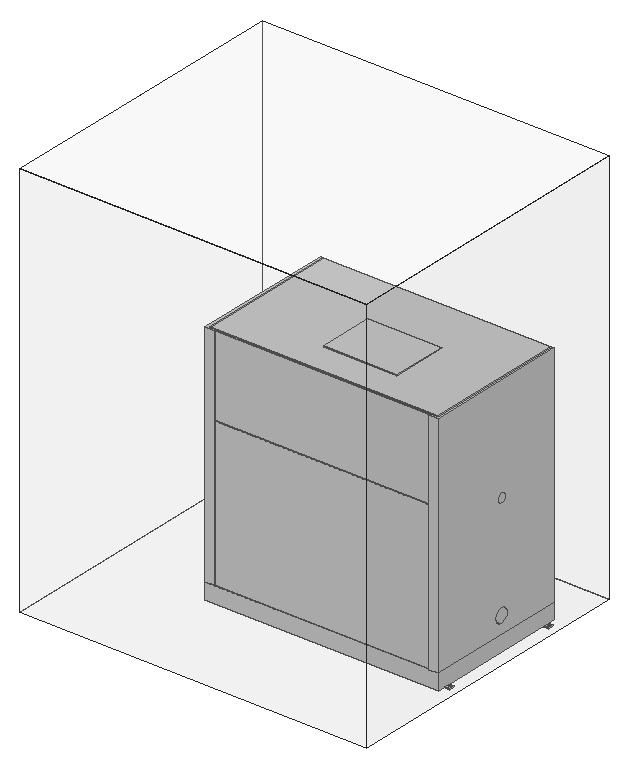
Revit family "pfav-p167_1600dmj1_3-f_50Hz", category 機械設備, Revit 2019
Family settings
  丸型コネクタ寸法 = 直径を使用
  パーツ タイプ = 標準
  OmniClass 番号 = 23.75.10.24.21.27.27
  OmniClass タイトル = Split System Air Conditioning Units
  作業面ベース = いいえ
  常に垂直 = はい
  ロード時にボイドで切り取り = いいえ
  共有 = いいえ
  部屋計算ポイント = いいえ
Parameters (values of type "PFAV-P1000DMJ3-F")
  風量（m3／min） = 120
  風量 = MAX風量  # 7200.0 m³/h
  音響パワーレベル(dB) = 72
  電源種別 = ""
  電圧_電気ヒーター = 0 V
  電圧 = 200 V
  電動機出力_送風機 = 7500 W
  電動機出力_圧縮機 = 0 W
  運転質量 = 0.00 kg
  連動 = ""
  質量 = if(製品質量 > 運転質量, 製品質量, 運転質量) * 1.2  # 516.00 kg
  負荷分類 = 3_ファン類
  説明 = "設備用パッケージエアコン 空冷床置形・冷暖兼用 ファシレアＤＤオールフレッシュシリーズ"
  設計暖房能力 [instance] = 0 kW
  設計冷房能力_顕熱 [instance] = 0 kW
  設計冷房能力 [instance] = 0 kW
  設置方法 = "床置形"
  記号 [instance] = ""
  製造元 = "三菱電機株式会社"
  製品質量 = 430.00 kg
  製品出荷対象 = "国内"
  製品リリース年月 = "2024年5月13日"
  製品グループ = ""
  系統 [instance] = ""
  符号 = "PAC-FRV(J)"
  積算_科目 = "1 空気調和設備"
  積算_拾い区分 [instance] = ""
  相_電気ヒーター = 1
  相 = 3
  盤記号 [instance] = ""
  発停方法 = ""
  特殊仕様 [instance] = ""
  火災停止 = ""
  消費電力_電気ヒーター = 0 W
  消費電力_暖房 = 1290 W
  消費電力_加湿器 = 0 W
  消費電力_冷房 = 1290 W
  消費電力 = if(消費電力_冷房 > 消費電力_暖房, 消費電力_冷房, 消費電力_暖房) + 消費電力_加湿器 + 消費電力_電気ヒーター  # 1290 W
  法定耐用年数 = "15"
  機械基礎質量 [instance] = 0.00 kg
  機械基礎_W = 0.00 mm
  機械基礎_H = 150.00 mm
  機械基礎_D = 0.00 mm
  機械基礎 [instance] = yes
  機外静圧 = 190.0 Pa
  極数 = 3
  材質 [instance] = ""
  本体マテリアル = none
  有効加湿量 = 0
  最小電線太さ_mm2 = 2
  最大電流値 = 19.3 A
  暖房能力 = 71 kW
  推奨ブレーカー容量 = 40 A
  形式_加湿器 = ""
  形式 = "床置（露出）立形"
  形名 = PFAV-P-DMJ-F : PFAV-P1000DMJ3-F
  幹線記号 [instance] = ""
  始動方式 = "直入"
  呼称 = "パッケージ形空気調和機_室内機"
  周波数 = 50 Hz
  台数_手元リモコン [instance] = ""
  台数_冷媒分岐ユニット [instance] = ""
  参照している仕様書等のバージョン = "公共建築工事標準仕様書（機械設備工事編）平成31年度版"
  加湿給水管径 = 27.00 mm
  分類コード = "50053003083040"
  分類グループ = ""
  冷房能力 = 80 kW
  冷媒高低圧ガス管径 = 0.00 mm
  冷媒管径符号 = "Ei"
  冷媒管径 = 100.00 mm
  冷媒液管径 = 19.05 mm
  冷媒ガス管径 = 31.75 mm
  価格 = 0
  企業コード = "108420"
  付属品_フィルター = ""
  付属品 [instance] = ""
  仕様書バージョン = "Version1.0"
  モデル = "PFAV-P1000DMJ3-F"
  ドレン管径 = 42.70 mm
  ダクト高_OA = 1635 mm
  ダクト高 = 416 mm
  ダクト幅_OA = 1550 mm
  ダクト幅 = 554 mm
  サービススペース = yes
  コメント [instance] = ""
  Keynote = ""
  Width = 1750.00 mm
  Version = ""
  Uniclass2015Version = "Systems v1.9"
  Uniclass2015Title = "Split coil remote air cooled condensing units"
  Uniclass2015Code = "Pr_70_65_03_84"
  URL = "https://www.mitsubishielectric.co.jp/ldg/wink/qr/002/333202/"
  S寸法 = 150.00 mm
  SpecificationReference = ""
  SpecificationDescription = ""
  Revision = ""
  ProductInformation = ""
  OmniClassCode = "23-33 17 13 11"
  OAダクト位置_縦 = 159.00 mm
  OAダクト位置_横 = 175.00 mm
  MAX風量 = 風量（m3／min） * 60.0 m³/h  # 7200.0 m³/h
  IfcTypeProduct = ""
  IfcProduct = ""
  IfcExportType = "AIRCONDITIONINGUNIT"
  IfcExportAs = "IfcUnitaryEquipmentType"
  Height = 1830.00 mm
  Depth = 1081.00 mm
  Clearance Top = 1000.00 mm
  Clearance Right = 100.00 mm
  Clearance Left = 750.00 mm
  Clearance Front = 800.00 mm
  Clearance Back = 400.00 mm
  COP = 0
  Author = "三菱電機株式会社"
  APF = 0
Types (8, lengths in mm): name | 風量（m3／min） | 風量 | 音響パワーレベル(dB) | 電動機出力_送風機 | 質量 | 製品質量 | 製品リリース年月 | 消費電力_暖房 | 消費電力_冷房 | 消費電力 | 機外静圧 | 最小電線太さ_mm2 | 最大電流値 | 暖房能力 | 推奨ブレーカー容量 | 形名 | 冷房能力 | 冷媒管径符号 | 冷媒液管径 | 冷媒ガス管径 | モデル | ドレン管径 | ダクト高_OA | ダクト高 | ダクト幅_OA | ダクト幅 | Width | URL | OAダクト位置_縦 | OAダクト位置_横 | MAX風量 | Height | Depth | Clearance Left | Clearance Front | Clearance Back | APF
  PFAV-P167DMJ1-F | 20 | 1200.0 m³/h | 61 | 1200 W | 147.60 kg | 123.00 kg | "2017年4月18日" | 80 W | 80 W | 80 W | 30.0 Pa | 1.6 | 5 A | 12.5 kW | 15 A | PFAV-P-DMJ-F : PFAV-P167DMJ1-F | 14 kW | "Bd" | 9.52 | 15.88 | "PFAV-P167DMJ1-F" | 34.00 | 406 | 294 | 668 | 343 | 760.00 | "https://www.mitsubishielectric.co.jp/ldg/wink/ssl/displayProduct.do?pid=278596" | 120.00 | 46.00 | 1200.0 m³/h | 1730.00 | 485.00 | 100.00 | 800.00 | 50.00 | 4.7
  PFAV-P265DMJ3-F | 35 | 2100.0 m³/h | 54 | 1200 W | 165.60 kg | 138.00 kg | "2024年5月13日" | 300 W | 300 W | 300 W | 50.0 Pa | 1.6 | 5.8 A | 20 kW | 15 A | PFAV-P-DMJ-F : PFAV-P265DMJ3-F | 22.4 kW | "Be" | 9.52 | 19.05 | "PFAV-P265DMJ3-F" | 34.00 | 407 | 294 | 888 | 675 | 980.00 | "https://www.mitsubishielectric.co.jp/ldg/wink/qr/002/333198/" | 120.00 | 46.00 | 2100.0 m³/h | 1730.00 | 485.00 | 100.00 | 800.00 | 50.00 | 0
  PFAV-P335DMJ3-F | 45 | 2700.0 m³/h | 62 | 1200 W | 170.40 kg | 142.00 kg | "2024年5月13日" | 390 W | 390 W | 390 W | 80.0 Pa | 1.6 | 5.8 A | 26.5 kW | 15 A | PFAV-P-DMJ-F : PFAV-P335DMJ3-F | 28 kW | "Bf" | 9.52 | 22.20 | "PFAV-P335DMJ3-F" | 34.00 | 407 | 294 | 888 | 675 | 980.00 | "https://www.mitsubishielectric.co.jp/ldg/wink/qr/002/333199/" | 120.00 | 46.00 | 2700.0 m³/h | 1730.00 | 485.00 | 100.00 | 800.00 | 50.00 | 0
  PFAV-P530DMJ3-F | 70 | 4200.0 m³/h | 67 | 3000 W | 248.40 kg | 207.00 kg | "2024年5月13日" | 680 W | 680 W | 680 W | 110.0 Pa | 1.6 | 8.8 A | 40 kW | 15 A | PFAV-P-DMJ-F : PFAV-P530DMJ3-F | 45 kW | "Ch" | 12.70 | 28.58 | "PFAV-P530DMJ3-F" | 34.00 | 605 | 444 | 1126 | 1006 | 1200.00 | "https://www.mitsubishielectric.co.jp/ldg/wink/qr/002/333200/" | 553.00 | 37.00 | 4200.0 m³/h | 1897.00 | 635.00 | 100.00 | 800.00 | 50.00 | 0
  PFAV-P670DMJ3-F | 90 | 5400.0 m³/h | 75 | 3000 W | 248.40 kg | 207.00 kg | "2024年5月13日" | 1400 W | 1400 W | 1400 W | 110.0 Pa | 1.6 | 8.8 A | 50 kW | 15 A | PFAV-P-DMJ-F : PFAV-P670DMJ3-F | 56 kW | "Dh" | 15.88 | 28.58 | "PFAV-P670DMJ3-F" | 34.00 | 605 | 444 | 1126 | 1006 | 1200.00 | "https://www.mitsubishielectric.co.jp/ldg/wink/qr/002/333201/" | 553.00 | 37.00 | 5400.0 m³/h | 1897.00 | 635.00 | 100.00 | 800.00 | 50.00 | 0
  PFAV-P1000DMJ3-F | 120 | 7200.0 m³/h | 72 | 7500 W | 516.00 kg | 430.00 kg | "2024年5月13日" | 1290 W | 1290 W | 1290 W | 190.0 Pa | 2 | 19.3 A | 71 kW | 40 A | PFAV-P-DMJ-F : PFAV-P1000DMJ3-F | 80 kW | "Ei" | 19.05 | 31.75 | "PFAV-P1000DMJ3-F" | 42.70 | 1635 | 416 | 1550 | 554 | 1750.00 | "https://www.mitsubishielectric.co.jp/ldg/wink/qr/002/333202/" | 159.00 | 175.00 | 7200.0 m³/h | 1830.00 | 1081.00 | 750.00 | 800.00 | 400.00 | 0
  PFAV-P1250DMJ3-F | 150 | 9000.0 m³/h | 73 | 7500 W | 536.40 kg | 447.00 kg | "2024年5月13日" | 1460 W | 1460 W | 1460 W | 245.0 Pa | 5.5 | 21 A | 90 kW | 40 A | PFAV-P-DMJ-F : PFAV-P1250DMJ3-F | 112 kW | "Ek" | 19.05 | 38.10 | "PFAV-P1250DMJ3-F" | 42.70 | 1635 | 416 | 1550 | 554 | 1750.00 | "https://www.mitsubishielectric.co.jp/ldg/wink/qr/002/333203/" | 159.00 | 175.00 | 9000.0 m³/h | 1830.00 | 1081.00 | 750.00 | 800.00 | 400.00 | 0
  PFAV-P1600DMJ3-F | 200 | 12000.0 m³/h | 74 | 7500 W | 604.80 kg | 504.00 kg | "2024年5月13日" | 2010 W | 2010 W | 2010 W | 235.0 Pa | 5.5 | 21 A | 112 kW | 40 A | PFAV-P-DMJ-F : PFAV-P1600DMJ3-F | 140 kW | "Ek" | 19.05 | 38.10 | "PFAV-P1600DMJ3-F" | 42.70 | 1635 | 416 | 1845 | 554 | 2045.00 | "https://www.mitsubishielectric.co.jp/ldg/wink/qr/002/333204/" | 159.00 | 175.00 | 12000.0 m³/h | 1830.00 | 1081.00 | 750.00 | 850.00 | 400.00 | 0
Reference planes
  plane 1: z = 0
  plane 2: z = 1980
  plane 3: z = 150
  plane 4: z = 2980
  plane 5 "中心(正面/背面)": y = -540.5
  plane 6 "中心(左/右)": x = 0
  plane 7 "左": x = -875
  plane 8 "右": x = 875
  plane 9 "正面": y = -1081
  plane 10 "背面": y = 0
  plane 11: y = 150
  plane 12: x = -1025
  plane 13: y = -1231
  plane 14: y = 400
  plane 15: y = -1881
  plane 16: x = -1625
  plane 17: x = 975
  plane 18: x = 1025
Dimensions and locks
  "Height": plane 2 to plane 3
  "Clearance Top": plane 4 to plane 2
  equal spacing: plane 7 "左", plane 6 "中心(左/右)", plane 8 "右"
  "Width": plane 7 "左" to plane 8 "右"
  equal spacing: plane 9 "正面", plane 5 "中心(正面/背面)", plane 10 "背面"
  "Depth": plane 9 "正面" to plane 10 "背面"
  "S寸法": plane 10 "背面" to plane 11
  "S寸法": plane 13 to plane 9 "正面"
  "S寸法": plane 12 to plane 7 "左"
  "Clearance Left": plane 16 to plane 7 "左"
  "Clearance Right": plane 8 "右" to plane 17
  "Clearance Front": plane 15 to plane 9 "正面"
  "Clearance Back": plane 10 "背面" to plane 14
  "S寸法": plane 8 "右" to plane 18
  "機械基礎_H": plane 3 to level
  nested 2 to plane 8 "右" = 512.00 mm
  nested 2 to plane 10 "背面" = 412.00 mm
  aligned and locked: level to plane 1
  aligned and locked: plane 17 to nested 1
  aligned and locked: nested 1 to plane 15
  aligned and locked: nested 1 to plane 16
  aligned and locked: nested 1 to plane 14
  aligned and locked: plane 4 to nested 1
  aligned and locked: plane 1 to nested 1
  aligned and locked: nested 2 to plane 10 "背面"
Nested families
  nested 1: "サービススペース(PFAV-P-DMJ-F)" at (-325, -740.5, 1490), visible <- "サービススペース", type "サービススペース(PFAV-P-DMJ-F)"
    with Width 2600.00 mm, Height 2980.00 mm, Depth 2281.00 mm
  nested 2: "PFAV-P-DMJ-F" at (0, -540.5, 0), type <- "形名", type "PFAV-P1000DMJ3-F"
    with 表示 yes, マテリアル2 none, マテリアル1 none
Connectors
  hvac at (0, 39, 855.5), driven by "ダクト幅_OA", driven by "ダクト高_OA", driven by "機外静圧", driven by "風量"
    settings: on nested 2, index 2, duct flow 7200.0 m³/h, flow factor 0, pres drop 190.0 Pa, loss coef 0, conn angle 0.00°, conn width 1550 mm, conn height 1635 mm, conn diameter 609.6 mm, duct sys type 2, conn prof type 1, flow config 1, flow direction 1, loss method 4, conn ref index -1, conn util no, is conn primary no, conn desc ""
  piping at (603, -186, 206), diameter 100, driven by "冷媒管径符号"
    settings: on nested 2, index 3, connector inside diameter 609.60 mm, connector length 0.00 mm, flow factor 0, pipe flow 0.0 L/s, pressure drop 0.0 Pa, fitting loss kfactor 0, connector angle 0.00°, fixture units 0, engagement length 0.00 mm, angle of deflection 0.00°, flow configuration 1, flow direction 1, fitting loss method 4, system type 7, joint type 0, gender type 0, connector reference index -1, connector utility 0, adjustable connector no, is connector primary yes, connector description "Ei"
  electrical at (878, -489, 1040), driven by "極数", driven by "負荷分類", driven by "電圧", driven by "消費電力"
    settings: on nested 2, index 4, voltage 200 V, apparent load 1290 VA, apparent load phase1 0 VA, apparent load phase2 0 VA, apparent load phase3 0 VA, power factor 1, load classification "3_ファン類", number of poles 3, system type 30, power factor state 1, is connector primary yes, connector utility no, sub classification motor no, connector description ""
  piping at (0, 0, 40), diameter 42.7, driven by "ドレン管径"
    settings: on nested 2, index 5, connector inside diameter 609.60 mm, connector length 0.00 mm, flow factor 0, pipe flow 0.0 L/s, pressure drop 0.0 Pa, fitting loss kfactor 0, connector angle 0.00°, fixture units 0, engagement length 0.00 mm, angle of deflection 0.00°, flow configuration 1, flow direction 2, fitting loss method 4, system type 16, joint type 0, gender type 0, connector reference index -1, connector utility 0, adjustable connector no, is connector primary no, connector description ""
  piping at (75, 1, 976.5), diameter 42.7, driven by "ドレン管径"
    settings: on nested 2, index 6, connector inside diameter 609.60 mm, connector length 0.00 mm, flow factor 0, pipe flow 0.0 L/s, pressure drop 0.0 Pa, fitting loss kfactor 0, connector angle 0.00°, fixture units 0, engagement length 0.00 mm, angle of deflection 0.00°, flow configuration 1, flow direction 2, fitting loss method 4, system type 16, joint type 0, gender type 0, connector reference index -1, connector utility 0, adjustable connector no, is connector primary no, connector description ""
  hvac at (86, -620, 1831), driven by "ダクト高", driven by "ダクト幅", driven by "機外静圧", driven by "風量"
    settings: on nested 2, index 10, duct flow 7200.0 m³/h, flow factor 0, pres drop 190.0 Pa, loss coef 0, conn angle 0.00°, conn width 554 mm, conn height 416 mm, conn diameter 609.6 mm, duct sys type 1, conn prof type 1, flow config 1, flow direction 2, loss method 4, conn ref index -1, conn util no, is conn primary yes, conn desc ""
  piping at (-878, 755.75, 2050), diameter 100, driven by "冷媒管径", driven by "冷媒管径符号"
    settings: on nested 2, index 12, connector inside diameter 609.60 mm, connector length 0.00 mm, flow factor 0, pipe flow 0.0 L/s, pressure drop 0.0 Pa, fitting loss kfactor 0, connector angle 0.00°, fixture units 0, engagement length 0.00 mm, angle of deflection 0.00°, flow configuration 1, flow direction 1, fitting loss method 4, system type 7, joint type 0, gender type 0, connector reference index -1, connector utility 0, adjustable connector no, is connector primary no, connector description "Ei"
Definition of nested family "サービススペース(PFAV-P-DMJ-F)"
  Parameters (values of type "サービススペース")
    Width [instance] = 500.00 mm
    Height [instance] = 500.00 mm
    Depth [instance] = 500.00 mm
  Reference planes
    plane 1 "中心(正面/背面)": y = 0
    plane 2: z = 0
    plane 3 "中心(左/右)": x = 0
    plane 4: y = -250
    plane 5: x = 250
    plane 6: y = 250
    plane 7: x = -250
    plane 8: z = 250
    plane 9: z = -250
  Forms (mm)
    Extrusion 1, solid
      sketch origin (-638.939, 0, 72.39) x (1, 0, 0) y (0, 1, 0)
        loop
          line (388.939, 250) -> (388.939, -250) -> (888.939, -250) -> (888.939, 250) -> (388.939, 250)
      from -322.39 to 177.61
  Lines and regions (mm)
    symbolic lines
      curve 1: line (-250, 0, 250) -> (250, 0, 250)
      curve 2: line (-250, 0, -250) -> (-250, 0, 250)
      curve 3: line (250, 0, -250) -> (-250, 0, -250)
      curve 4: line (250, 0, 250) -> (250, 0, -250)
      curve 5: line (0, -250, 250) -> (0, 250, 250)
      curve 6: line (0, -250, -250) -> (0, -250, 250)
      curve 7: line (0, 250, -250) -> (0, -250, -250)
      curve 8: line (0, 250, 250) -> (0, 250, -250)
      curve 9: line (-250, 250, 0) -> (250, 250, 0)
      curve 10: line (-250, -250, 0) -> (-250, 250, 0)
      curve 11: line (250, -250, 0) -> (-250, -250, 0)
      curve 12: line (250, 250, 0) -> (250, -250, 0)
  Dimensions and locks
    equal spacing: plane 7, plane 3 "中心(左/右)", plane 5
    equal spacing: plane 4, plane 1 "中心(正面/背面)", plane 6
    "Depth": plane 4 to plane 6
    "Width": plane 7 to plane 5
    equal spacing: plane 8, plane 2, plane 9
    "Height": plane 8 to plane 9
    aligned and locked: plane 9 to curve 3
    aligned and locked: plane 7 to curve 2
    aligned and locked: curve 4 to plane 5
    aligned and locked: plane 5 to Extrusion 1
    aligned and locked: Extrusion 1 to plane 7
    aligned and locked: Extrusion 1 to plane 9
    aligned and locked: plane 8 to Extrusion 1
    aligned and locked: plane 9 to curve 7
  Automatic sketch dimensions
    plane 4 to Extrusion 1 sketch curve = 0.00 mm
    Extrusion 1 sketch curve to plane 7 = 0.00 mm
    Extrusion 1 sketch curve to plane 5 = 0.00 mm
    plane 6 to Extrusion 1 sketch curve = 0.00 mm
    curve 2 to plane 8 = 0.00 mm
    plane 4 to curve 11 = 0.00 mm
    curve 11 to plane 7 = 0.00 mm
    curve 11 to plane 5 = 0.00 mm
    plane 6 to curve 10 = 0.00 mm
    curve 7 to plane 4 = 0.00 mm
    curve 7 to plane 6 = 0.00 mm
    curve 6 to plane 8 = 0.00 mm
Definition of nested family "PFAV-P-DMJ-F"
  Parameters (values of type "PFAV-P1600DMJ3-F")
    液径 = 19.05 mm
    液-W = 0.00 mm
    液-H = 255.00 mm
    液-D = 673.00 mm
    吸込ダクト_P530_670 = no
    吸込ダクト_P265_335 = no
    吸込ダクト_P167 = no
    吸込ダクト_P1600 = no
    吸込ダクト_P1000_1250 = no
    ドレン② = yes
    ドレン① = no
    ①高 = 1830.00 mm
    電源径 = 62.00 mm
    電源-W = 0.00 mm
    電源-H = 1040.00 mm
    電源-D = 489.00 mm
    表示 [instance] = yes
    ①幅 = 2045.00 mm
    ①奥行 = 1081.00 mm
    吊りボルト径 = 20.00 mm
    吊りボルト-W = 2101.00 mm
    吊りボルト-D = 931.00 mm
    吊りボルト-H = 0.00 mm
    加湿給水管径 = 43.00 mm
    加湿給水-W = 0.00 mm
    加湿給水-H = 260.00 mm
    加湿給水-D = 649.00 mm
    冷媒径 = 100.00 mm
    ガス径 = 38.10 mm
    ガス-W = 0.00 mm
    ガス-H = 245.00 mm
    ガス-D = 123.00 mm
    マテリアル2 [instance] = none
    マテリアル1 [instance] = none
    ドレン径 = 42.70 mm
    ドレン-W = 1023.00 mm
    ドレン-H = 40.00 mm
    ドレン-D = 314.00 mm
    w = 554.00 mm
    h = 1.00 mm
    f = 0.00 mm
    e = 600.00 mm
    c = 3.00 mm
    d = 416.00 mm
    b = 659.00 mm
    a = 412.00 mm
    OAダクト高さ = 1635.00 mm
    OAダクト幅 = 1845.00 mm
    OAダクト奥行 = -1.00 mm
    OAダクト位置_縦 = 159.00 mm
    OAダクト位置_横 = 175.00 mm
  Types (8, lengths in mm): name | 液径 | 液-H | 液-D | ドレン② | ドレン① | ①高 | 電源径 | 電源-H | 電源-D | ①幅 | ①奥行 | 吊りボルト径 | 吊りボルト-W | 吊りボルト-D | ガス径 | ガス-H | ガス-D | ドレン径 | ドレン-W | ドレン-H | ドレン-D | w | h | c | d | b | a | OAダクト高さ | OAダクト幅 | OAダクト奥行 | OAダクト位置_縦 | OAダクト位置_横
    PFAV-P167DMJ1-F | 9.52 | 172.00 | 249.00 | no | yes | 1730.00 | 27.00 | 262.00 | 326.00 | 760.00 | 485.00 | 12.00 | 806.00 | 300.00 | 15.88 | 262.00 | 249.00 | 34.00 | 200.00 | 54.00 | 240.00 | 343.00 | 20.00 | 10.00 | 294.00 | 236.00 | 42.00 | 406.00 | 668.00 | -41.00 | 120.00 | 46.00
    PFAV-P265DMJ3-F | 9.52 | 172.00 | 251.00 | no | yes | 1730.00 | 27.00 | 262.00 | 328.00 | 980.00 | 485.00 | 12.00 | 1026.00 | 300.00 | 19.05 | 262.00 | 251.00 | 34.00 | 200.00 | 54.00 | 240.00 | 675.00 | 20.00 | 10.00 | 294.00 | 191.00 | 41.00 | 407.00 | 888.00 | -41.00 | 120.00 | 46.00
    PFAV-P335DMJ3-F | 9.52 | 172.00 | 251.00 | no | yes | 1730.00 | 27.00 | 262.00 | 328.00 | 980.00 | 485.00 | 12.00 | 1026.00 | 300.00 | 19.05 | 262.00 | 251.00 | 34.00 | 200.00 | 54.00 | 240.00 | 675.00 | 20.00 | 10.00 | 294.00 | 191.00 | 41.00 | 407.00 | 888.00 | -41.00 | 120.00 | 46.00
    PFAV-P530DMJ3-F | 12.70 | 203.00 | 244.00 | no | yes | 1897.00 | 37.00 | 249.00 | 475.00 | 1200.00 | 635.00 | 12.00 | 1246.00 | 440.00 | 28.58 | 209.00 | 128.00 | 34.00 | 200.00 | 54.00 | 314.00 | 1006.00 | 3.00 | 10.00 | 444.00 | 97.00 | 44.00 | 605.00 | 1126.00 | -39.00 | 553.00 | 37.00
    PFAV-P670DMJ3-F | 15.88 | 203.00 | 244.00 | no | yes | 1897.00 | 37.00 | 249.00 | 475.00 | 1200.00 | 635.00 | 12.00 | 1246.00 | 440.00 | 28.58 | 209.00 | 128.00 | 34.00 | 200.00 | 54.00 | 314.00 | 1006.00 | 3.00 | 10.00 | 444.00 | 97.00 | 44.00 | 605.00 | 1126.00 | -39.00 | 553.00 | 37.00
    PFAV-P1000DMJ3-F | 19.05 | 255.00 | 673.00 | yes | no | 1830.00 | 62.00 | 1040.00 | 489.00 | 1750.00 | 1081.00 | 15.00 | 1806.00 | 931.00 | 31.75 | 245.00 | 313.00 | 42.70 | 875.00 | 40.00 | 314.00 | 554.00 | 1.00 | 3.00 | 416.00 | 512.00 | 412.00 | 1635.00 | 1550.00 | -1.00 | 159.00 | 175.00
    PFAV-P1250DMJ3-F | 19.05 | 255.00 | 673.00 | yes | no | 1830.00 | 62.00 | 1040.00 | 489.00 | 1750.00 | 1081.00 | 15.00 | 1806.00 | 931.00 | 38.10 | 245.00 | 313.00 | 42.70 | 875.00 | 40.00 | 314.00 | 554.00 | 1.00 | 3.00 | 416.00 | 512.00 | 412.00 | 1635.00 | 1550.00 | -1.00 | 159.00 | 175.00
    PFAV-P1600DMJ3-F | 19.05 | 255.00 | 673.00 | yes | no | 1830.00 | 62.00 | 1040.00 | 489.00 | 2045.00 | 1081.00 | 20.00 | 2101.00 | 931.00 | 38.10 | 245.00 | 123.00 | 42.70 | 1023.00 | 40.00 | 314.00 | 554.00 | 1.00 | 3.00 | 416.00 | 659.00 | 412.00 | 1635.00 | 1845.00 | -1.00 | 159.00 | 175.00
  Reference planes
    plane 1 "中心(正面/背面)": y = 0
    plane 2: z = 0
    plane 3 "中心(左/右)": x = 0
    plane 4: x = 1022.5
    plane 5: x = -1022.5
    plane 6 "5-20_back": y = 540.5
    plane 7: y = -540.5
    plane 8: z = 1831
    plane 9: z = 1230
    plane 10: z = 1830
    plane 11: z = 120
    plane 12: y = 465.5
    plane 13: y = -465.5
    plane 14: x = 1050.5
    plane 15: x = -1050.5
    plane 16: y = 128.5
    plane 17: y = -460.5
    plane 18: z = 40
    plane 19: z = 1040
    plane 20: y = -132.5
    plane 21: z = 255
    plane 22: z = 245
    plane 23: z = 1829
    plane 24: y = 417.5
    plane 25: x = 1002.5
    plane 26: x = -1002.5
    plane 27: z = 1227
    plane 28: y = -520.5
    plane 29: x = -952.5
    plane 30: x = 952.5
    plane 31: y = -537.5
    plane 32: x = 1062.5
    plane 33: x = -1062.5
    plane 34: y = 485.5
    plane 35: y = 445.5
    plane 36: y = -445.5
    plane 37: y = -485.5
    plane 38: y = 128.5
    plane 39: z = 5
    plane 40: x = 363.5
    plane 41: x = 363.5
    plane 42: x = -190.5
    plane 43: x = -190.5
    plane 44: y = -287.5
    plane 45: y = -287.5
    plane 46: y = 226.5
    plane 47: y = 51.5
    plane 48: x = 1025.5
    plane 49: y = 142.5
    plane 50: z = 250
    plane 51: y = -108.5
    plane 52: z = 260
    plane 53: x = -1023.5
    plane 54: y = 541.5
    plane 55: x = -0.5
    plane 56: x = -847.5
    plane 57: x = 997.5
    plane 58: z = 159
    plane 59: z = 1794
    plane 60: x = -1025.5
  Forms (mm)
    Extrusion 1, solid, material <- "マテリアル1", visible <- "表示", detail levels fine
      sketch origin (0, 0, -400) x (1, 0, 0) y (0, 1, 0)
        loop
          line (952.5, -520.5) -> (-952.5, -520.5) -> (-952.5, -537.5) -> (952.5, -537.5) -> (952.5, -520.5)
      from 1630 to 2230
    Extrusion 2, solid, material <- "マテリアル1", visible <- "表示", detail levels fine
      sketch origin (0, 0, -800) x (1, 0, 0) y (0, 1, 0)
        loop
          line (-952.5, -537.5) -> (952.5, -537.5) -> (952.5, -520.5) -> (-952.5, -520.5) -> (-952.5, -537.5)
      from 920 to 2027
    Extrusion 3, solid, material <- "マテリアル2", visible <- "表示", detail levels fine
      sketch origin (0, 0, 0) x (1, 0, 0) y (0, 1, 0)
        loop
          line (1022.5, 485.5) -> (1022.5, 445.5) -> (1062.5, 445.5) -> (1062.5, 485.5) -> (1022.5, 485.5)
        loop
          line (1022.5, -445.5) -> (1022.5, -485.5) -> (1062.5, -485.5) -> (1062.5, -445.5) -> (1022.5, -445.5)
        loop
          line (-1062.5, 485.5) -> (-1062.5, 445.5) -> (-1022.5, 445.5) -> (-1022.5, 485.5) -> (-1062.5, 485.5)
        loop
          line (-1062.5, -445.5) -> (-1062.5, -485.5) -> (-1022.5, -485.5) -> (-1022.5, -445.5) -> (-1062.5, -445.5)
        loop
          circle (-1050.5, 465.5) r 10
        loop
          circle (1050.5, 465.5) r 10
        loop
          circle (1050.5, -465.5) r 10
        loop
          circle (-1050.5, -465.5) r 10
      from 0 to 5
    Extrusion 4, solid, material <- "マテリアル2", visible <- "表示", detail levels fine
      sketch origin (0, -1140, 0) x (0, -1, 0) y (1, 0, 0)
        loop
          line (-1268.5, 363.5) -> (-1268.5, -190.5) -> (-852.5, -190.5) -> (-852.5, 363.5) -> (-1268.5, 363.5)
      from 1830 to 1831
    Extrusion 5, solid, material <- "マテリアル1", visible <- "表示", detail levels fine
      sketch origin (-1437.329, -1524, 1831) x (-1, 0, 0) y (0, -1, 0)
        loop
          line (-414.829, -2064.5) -> (-414.829, -983.5) -> (-484.829, -983.5) -> (-484.829, -1003.5) -> (-434.829, -1003.5) -> (-434.829, -2064.5) -> (-414.829, -2064.5)
        loop
          line (-2439.829, -2064.5) -> (-2439.829, -1003.5) -> (-2389.829, -1003.5) -> (-2389.829, -983.5) -> (-2459.829, -983.5) -> (-2459.829, -2064.5) -> (-2439.829, -2064.5)
      from -1711 to -1
    Extrusion 6, solid, material <- "マテリアル1", visible <- "表示", detail levels fine
      sketch origin (-1437.329, -1524, 1831) x (-1, 0, 0) y (0, -1, 0)
        loop
          line (-2439.829, -2064.5) -> (-434.829, -2064.5) -> (-434.829, -1003.5) -> (-2439.829, -1003.5) -> (-2439.829, -2064.5)
      from -1711 to -1
    Extrusion 7, solid, material <- "マテリアル2", visible <- "表示", detail levels fine
      sketch origin (-1437.329, -1524, 1831) x (-1, 0, 0) y (0, -1, 0)
        loop
          line (-414.829, -2064.5) -> (-414.829, -983.5) -> (-2459.829, -983.5) -> (-2459.829, -2064.5) -> (-414.829, -2064.5)
      from -1831 to -1711
    Extrusion 8, solid, material <- "マテリアル2", visible <- "表示", detail levels fine
      sketch origin (1022.5, 1296.25, 1200) x (0, 1, 0) y (0, 0, 1)
        loop
          circle (-1244.75, -160) r 31
      from 0 to 3
    Extrusion 9, solid, material <- "マテリアル1", visible <- "表示", detail levels fine
      sketch origin (1022.5, 1296.25, 1200) x (0, 1, 0) y (0, 0, 1)
        loop
          circle (-1153.75, -950) r 50
      from 0 to 3
    Extrusion 10, solid, material <- "マテリアル1", visible <- "ドレン①", detail levels fine
      sketch origin (-1022.5, 1296.25, 1200) x (0, 1, 0) y (0, 0, 1)
        loop
          circle (-1069.75, -1160) r 21.35
      from -1 to 0
    Extrusion 11, solid, material <- "マテリアル1", visible <- "ドレン②", detail levels fine
      sketch origin (1480.036, -537.5, 2000) x (1, 0, 0) y (0, 0, 1)
        loop
          circle (-1480.536, -1960) r 21.35
      from -1079 to -1078
    Extrusion 12, solid, detail levels fine
      sketch origin (0, 540.5, 0) x (1, 0, 0) y (0, 0, 1)
        loop
          line (997.5, 1794) -> (-847.5, 1794) -> (-847.5, 159) -> (997.5, 159) -> (997.5, 1794)
      from 0 to -1 <- "OAダクト奥行"
    Extrusion 13, solid, detail levels fine
      sketch origin (-1022.5, 1296.25, 1200) x (0, 1, 0) y (0, 0, 1)
        loop
          circle (-1244.75, -160) r 31
      from -3 to 0
    Extrusion 14, solid, detail levels fine
      sketch origin (-1022.5, 1296.25, 1200) x (0, 1, 0) y (0, 0, 1)
        loop
          circle (-1153.75, -950) r 50
      from -3 to 0
  Lines and regions (mm)
    Masking region 1, visible <- "表示", detail levels coarse+medium
      outline origin (0, 0, 0) x (1, 0, 0) y (0, 1, 0)
        loop
          line (-1022.5, 540.5) -> (-1022.5, -540.5) -> (1022.5, -540.5) -> (1022.5, 540.5) -> (-1022.5, 540.5)
    symbolic lines, visible <- "表示"
      curve 1: line (-1022.5, 540.5, 1831) -> (-1022.5, -540.5, 1831)
      curve 2: line (-1022.5, -540.5, 1831) -> (1022.5, -540.5, 1831)
      curve 3: line (1022.5, -540.5, 1831) -> (1022.5, 540.5, 1831)
      curve 4: line (1022.5, 540.5, 1831) -> (-1022.5, 540.5, 1831)
      curve 5: line (-190.5, 128.5, 1831) -> (-190.5, -287.5, 1831)
      curve 6: line (-190.5, -287.5, 1831) -> (363.5, -287.5, 1831)
      curve 7: line (363.5, -287.5, 1831) -> (363.5, 128.5, 1831)
      curve 8: line (363.5, 128.5, 1831) -> (-190.5, 128.5, 1831)
  Dimensions and locks
    equal spacing: plane 7, plane 1 "中心(正面/背面)", plane 6 "5-20_back"
    "①奥行": plane 7 to plane 6 "5-20_back"
    equal spacing: plane 5, plane 3 "中心(左/右)", plane 4
    "①幅": plane 5 to plane 4
    locked: plane 11 to level at 120
    equal spacing: plane 13, plane 1 "中心(正面/背面)", plane 12
    "吊りボルト-D": plane 13 to plane 12
    equal spacing: plane 15, plane 3 "中心(左/右)", plane 14
    "吊りボルト-W": plane 15 to plane 14
    "a": plane 16 to plane 6 "5-20_back"
    locked: plane 7 to plane 17 at 80
    "ドレン-H": plane 18 to level
    "電源-H": plane 19 to level
    "液-H": plane 21 to level
    "e": plane 10 to plane 9
    "ガス-H": plane 22 to level
    "h": plane 8 to plane 10
    locked: plane 8 to plane 23 at 2
    locked: plane 5 to plane 26 at 20
    locked: plane 25 to plane 4 at 20
    "c": plane 9 to plane 27
    locked: plane 7 to plane 28 at 20
    locked: plane 26 to plane 29 at 50
    locked: plane 30 to plane 25 at 50
    locked: plane 7 to plane 31 at 3
    locked: plane 33 to plane 5 at 40
    locked: plane 4 to plane 32 at 40
    plane 37 to plane 13 to plane 36 = 20.00 mm locked, 20.00 mm locked
    plane 35 to plane 12 to plane 34 = 20.00 mm locked, 20.00 mm locked
    "f": plane 38 to plane 16
    locked: plane 39 to level at 5
    "b": plane 40 to plane 4
    "f": plane 43 to plane 42
    "f": plane 41 to plane 40
    "w": plane 42 to plane 41
    "f": plane 44 to plane 45
    "d": plane 45 to plane 38
    "①高": plane 10 to level
    "液-D": plane 20 to plane 6 "5-20_back"
    "ガス-D": plane 24 to plane 6 "5-20_back"
    "ドレン-D": plane 46 to plane 6 "5-20_back"
    "電源-D": plane 47 to plane 6 "5-20_back"
    locked: plane 4 to plane 48 at 3
    equal spacing: plane 20, plane 49, plane 24
    equal spacing: plane 21, plane 50, plane 22
    "加湿給水-D": plane 51 to plane 6 "5-20_back"
    "加湿給水-H": plane 52 to level
    locked: plane 53 to plane 5 at 1
    locked: plane 6 "5-20_back" to plane 54 at 1
    "ドレン-W": plane 55 to plane 4
    "OAダクト幅": plane 57 to plane 56
    "OAダクト位置_縦": level to plane 58
    "OAダクト高さ": plane 58 to plane 59
    "OAダクト位置_横": plane 56 to plane 5
    plane 60 to plane 5 = 3.00 mm
    "吊りボルト径": diameter of Extrusion 3 sketch curve  (x4)
    "電源径": diameter of Extrusion 8 sketch curve
    "冷媒径": diameter of Extrusion 9 sketch curve
    "ドレン径": diameter of Extrusion 10 sketch curve
    "ドレン径": diameter of Extrusion 11 sketch curve
    "電源径": diameter of Extrusion 13 sketch curve
    "冷媒径": diameter of Extrusion 14 sketch curve
    aligned and locked: level to plane 2
    aligned and locked: plane 13 to nested 1
    aligned and locked: plane 14 to nested 1
    aligned and locked: plane 15 to nested 1
    aligned and locked: nested 1 to plane 12
    aligned and locked: Extrusion 2 to plane 11
    aligned and locked: Extrusion 1 to plane 9
    aligned and locked: Extrusion 5 to plane 11
    aligned and locked: Extrusion 4 to plane 10
    aligned and locked: plane 10 to Extrusion 5
    aligned and locked: plane 10 to Extrusion 1
    aligned and locked: plane 27 to Extrusion 2
    aligned and locked: Extrusion 2 sketch curve to plane 28
    aligned and locked: Extrusion 5 sketch curve to plane 7  (x2)
    aligned and locked: Extrusion 5 sketch curve to plane 29
    aligned and locked: Extrusion 5 sketch curve to plane 30
    aligned and locked: Extrusion 5 sketch curve to plane 25
    aligned and locked: plane 28 to Extrusion 5 sketch curve  (x2)
    aligned and locked: Extrusion 2 sketch curve to plane 29
    aligned and locked: Extrusion 2 sketch curve to plane 30
    aligned and locked: plane 31 to Extrusion 2 sketch curve
    aligned and locked: Extrusion 1 sketch curve to plane 30
    aligned and locked: Extrusion 1 sketch curve to plane 29
    aligned and locked: Extrusion 1 sketch curve to plane 28
    aligned and locked: Extrusion 1 sketch curve to plane 31
    aligned and locked: Extrusion 6 sketch curve to plane 6 "5-20_back"
    aligned and locked: Extrusion 6 sketch curve to plane 26
    aligned and locked: Extrusion 6 sketch curve to plane 28
    aligned and locked: Extrusion 6 sketch curve to plane 25
    aligned and locked: plane 10 to Extrusion 6
    aligned and locked: Extrusion 6 to plane 11
    aligned and locked: plane 34 to Extrusion 3 sketch curve  (x2)
    aligned and locked: plane 4 to Extrusion 3 sketch curve  (x2)
    aligned and locked: Extrusion 3 sketch curve to plane 35  (x2)
    aligned and locked: Extrusion 3 sketch curve to plane 32  (x2)
    aligned and locked: plane 36 to Extrusion 3 sketch curve  (x2)
    aligned and locked: Extrusion 3 sketch curve to plane 37  (x2)
    aligned and locked: plane 33 to Extrusion 3 sketch curve  (x2)
    aligned and locked: Extrusion 3 sketch curve to plane 5  (x2)
    aligned and locked: plane 12 to Extrusion 3 sketch curve  (x2)
    aligned and locked: plane 15 to Extrusion 3 sketch curve  (x2)
    aligned and locked: plane 13 to Extrusion 3 sketch curve  (x2)
    aligned and locked: plane 14 to Extrusion 3 sketch curve  (x2)
    aligned and locked: Extrusion 3 to level
    aligned and locked: plane 39 to Extrusion 3
    aligned and locked: Extrusion 7 sketch curve to Extrusion 5
    aligned and locked: Extrusion 7 sketch curve to Extrusion 6
    aligned and locked: Extrusion 7 to level
    aligned and locked: plane 11 to Extrusion 7
    aligned and locked: Extrusion 4 sketch curve to plane 38
    aligned and locked: Extrusion 4 sketch curve to plane 45
    aligned and locked: Extrusion 4 sketch curve to plane 41
    aligned and locked: Extrusion 4 sketch curve to plane 42
    aligned and locked: Masking region 1 sketch curve to Extrusion 7
    aligned and locked: Masking region 1 sketch curve to Extrusion 5
    aligned and locked: Masking region 1 sketch curve to plane 7
    aligned and locked: Masking region 1 sketch curve to plane 4
    aligned and locked: curve 1 to Masking region 1
    aligned and locked: curve 3 to Masking region 1
    aligned and locked: curve 4 to Masking region 1
    aligned and locked: plane 47 to Extrusion 8 sketch curve
    aligned and locked: plane 19 to Extrusion 8 sketch curve
    aligned and locked: Extrusion 8 to plane 4
    aligned and locked: plane 48 to Extrusion 8
    aligned and locked: plane 49 to Extrusion 9 sketch curve
    aligned and locked: plane 50 to Extrusion 9 sketch curve
    aligned and locked: Extrusion 9 to plane 4
    aligned and locked: plane 48 to Extrusion 9
    aligned and locked: plane 5 to Extrusion 5 sketch curve
    aligned and locked: plane 4 to Extrusion 5 sketch curve
    aligned and locked: Extrusion 7 sketch curve to plane 7
    aligned and locked: plane 4 to Extrusion 7 sketch curve
    aligned and locked: plane 46 to Extrusion 10 sketch curve
    aligned and locked: plane 18 to Extrusion 10 sketch curve
    aligned and locked: Extrusion 10 to plane 53
    aligned and locked: plane 5 to Extrusion 10
    aligned and locked: plane 18 to Extrusion 11 sketch curve
    aligned and locked: plane 55 to Extrusion 11 sketch curve
    aligned and locked: Extrusion 11 to plane 54
    aligned and locked: plane 6 "5-20_back" to Extrusion 11
    aligned and locked: plane 59 to Extrusion 12
    aligned and locked: Extrusion 12 to plane 58
    aligned and locked: Extrusion 12 to plane 56
    aligned and locked: plane 57 to Extrusion 12
    aligned and locked: plane 19 to Extrusion 13 sketch curve
    aligned and locked: plane 47 to Extrusion 13 sketch curve
    aligned and locked: plane 49 to Extrusion 14 sketch curve
    aligned and locked: plane 50 to Extrusion 14 sketch curve
    aligned and locked: plane 5 to Extrusion 14
    aligned and locked: Extrusion 14 to plane 60
    aligned and locked: Extrusion 13 to plane 60
    aligned and locked: plane 5 to Extrusion 13
    aligned and locked: plane 8 to Extrusion 4
  Automatic sketch dimensions
    Extrusion 5 sketch curve to plane 26 = 0.00 mm
    plane 6 "5-20_back" to Extrusion 5 sketch curve = 0.00 mm  (x2)
    plane 28 to Extrusion 2 sketch curve = 0.00 mm
    plane 7 to curve 2 = 0.00 mm
    Extrusion 12 sketch curve to plane 42 = 657.00 mm
    plane 40 to Extrusion 12 sketch curve = 634.00 mm
    level to Extrusion 12 sketch curve = 159.00 mm
    Extrusion 12 sketch curve to Extrusion 12 sketch curve = 1635.00 mm
    plane 16 to curve 7 = 0.00 mm
    curve 7 to plane 40 = 0.00 mm
    curve 5 to plane 43 = 0.00 mm
    plane 44 to curve 7 = 0.00 mm
  Nested families
    nested 1: "固定点" at (-1050.5, -465.5, 0), visible <- "表示", type "固定点", detail levels fine
      with W 2101.00 mm, D 931.00 mm
  Definition of nested family "固定点"
    Parameters (values of type "固定点")
      中心円 = 20.00 mm
      W [instance] = 1000.00 mm
      D [instance] = 1000.00 mm
    Reference planes
      plane 1 "中心(正面/背面)": y = 0
      plane 2: z = 0
      plane 3 "中心(左/右)": x = 0
      plane 4: x = 1000
      plane 5: y = 1000
    Lines and regions (mm)
      symbolic lines, detail levels fine
        curve 1: circle (0, 1000, 0) r 10 normal (0, 0, 1)
        curve 2: circle (0, 0, 0) r 10 normal (0, 0, 1)
        curve 3: circle (1000, 1000, 0) r 10 normal (0, 0, 1)
        curve 4: circle (1000, 0, 0) r 10 normal (0, 0, 1)
        curve 5: line (-200, 1000, 0) -> (1200, 1000, 0)
        curve 6: line (-200, 0, 0) -> (1200, 0, 0)
        curve 7: line (0, 1200, 0) -> (0, -200, 0)
        curve 8: line (1000, 1200, 0) -> (1000, -200, 0)
    Dimensions and locks
      "W": plane 3 "中心(左/右)" to plane 4
      "D": plane 1 "中心(正面/背面)" to plane 5
      "中心円": diameter of curve 1
      "中心円": diameter of curve 2
      "中心円": diameter of curve 3
      "中心円": diameter of curve 4
      aligned and locked: level to plane 2
      aligned and locked: plane 5 to curve 1
      aligned and locked: plane 3 "中心(左/右)" to curve 1
      aligned and locked: plane 3 "中心(左/右)" to curve 2
      aligned and locked: plane 1 "中心(正面/背面)" to curve 2
      aligned and locked: plane 4 to curve 3
      aligned and locked: plane 5 to curve 3
      aligned and locked: plane 1 "中心(正面/背面)" to curve 4
      aligned and locked: plane 4 to curve 4
      aligned and locked: plane 1 "中心(正面/背面)" to curve 6
      aligned and locked: curve 7 to plane 3 "中心(左/右)"
      aligned and locked: curve 8 to plane 4
    Automatic sketch dimensions
      curve 5 to plane 5 = 0.00 mm
      curve 6 to plane 3 "中心(左/右)" = 200.00 mm
      curve 5 to plane 3 "中心(左/右)" = 200.00 mm
      curve 4 to curve 6 = 200.00 mm
      curve 3 to curve 5 = 200.00 mm
      plane 1 "中心(正面/背面)" to curve 8 = 200.00 mm
      plane 1 "中心(正面/背面)" to curve 7 = 200.00 mm
      curve 3 to curve 8 = 200.00 mm
      curve 1 to curve 7 = 200.00 mm
